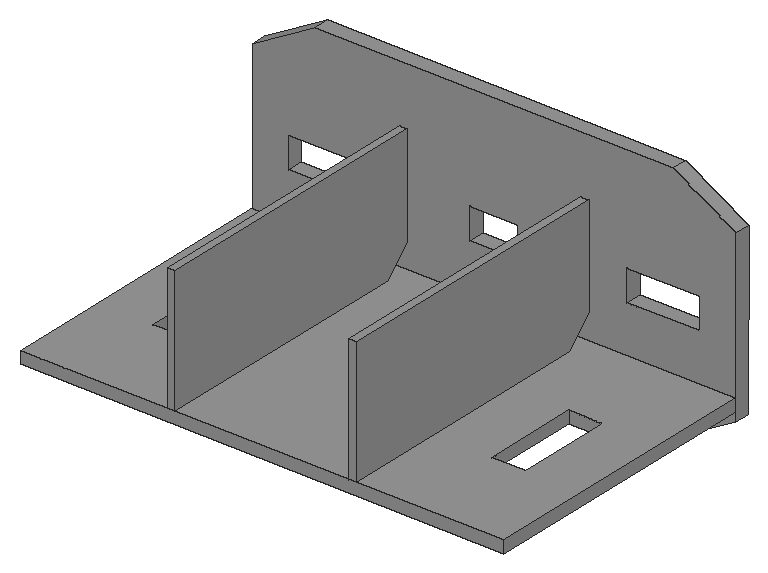
Revit family "Befestigungswinkel- BW US 7 FT", category Generic Models, Revit 2017
Family settings
  Can host rebar = No
  Round Connector Dimension = Use Diameter
  Part Type = Normal
  Work Plane-Based = No
  Always vertical = Yes
  Cut with Voids When Loaded = No
  Shared = No
  Room Calculation Point = No
Parameters (values of type "BW US 7 FT")
  URL = "http://www.obo-bettermann.com"
  Material = Hot dip galvanised
  Manufacturer Art.No. = "6019532"
  Manufacturer = "OBO BETTERMANN"
  GTIN = "4012196653645"
  Article Type = "BW US 7 FT"
Reference planes
  plane 1 "Center (Front/Back)": y = 0
  plane 2: z = 0
  plane 3 "Center (Left/Right)": x = 0
  plane 4: z = 100
  plane 5: x = 200
  plane 6: z = 50
  plane 7: x = 100
  plane 8: z = 85
  plane 9: z = 15
  plane 10: z = 85
  plane 11: z = 15
  plane 12: y = 6.5
  plane 13: z = 50
  plane 14: x = 100
  plane 15: x = 170
  plane 16: x = 30
  plane 17: z = 24
  plane 18: y = -120
  plane 19: y = -60
  plane 20: x = 100
  plane 21: x = 30
  plane 22: x = 170
  plane 23: x = 100
  plane 24: x = 136
  plane 25: x = 64
  plane 26: z = 76
  plane 27: x = 100
Forms (mm)
  Extrusion 1, solid, material "Hot dip galvanised" <- "Material"
    sketch origin (0, 0, 0) x (1, 0, 0) y (0, 0, 1)
      loop
        line (0, 15) -> (25.981, 0) -> (174.019, 0) -> (200, 15) -> (200, 85) -> (174.019, 100) -> (25.981, 100) -> (0, 85) -> (0, 15)
    from 0 to -6.5
  Extrusion 2, void
    sketch origin (0, 0, 0) x (1, 0, 0) y (0, 0, 1)
      loop
        line (155, 56.5) -> (155, 43.5) -> (185, 43.5) -> (185, 56.5) -> (155, 56.5)
      loop
        line (90, 56.5) -> (90, 43.5) -> (110, 43.5) -> (110, 56.5) -> (90, 56.5)
      loop
        line (45, 56.5) -> (15, 56.5) -> (15, 43.5) -> (45, 43.5) -> (45, 56.5)
    from -6.5 to 0
  Extrusion 3, solid, material "Hot dip galvanised" <- "Material"
    sketch origin (0, 0, 0) x (1, 0, 0) y (0, 0, 1)
      loop
        line (0, 24) -> (0, 19) -> (200, 19) -> (200, 24) -> (0, 24)
    from 0 to 120
  Extrusion 4, void
    sketch origin (0, 0, 0) x (1, 0, 0) y (0, 1, 0)
      loop
        line (23, -40) -> (23, -80) -> (37, -80) -> (37, -40) -> (23, -40)
      loop
        line (163, -40) -> (163, -80) -> (177, -80) -> (177, -40) -> (163, -40)
    from 19 to 24
  Extrusion 5, solid, material "Hot dip galvanised" <- "Material"
    sketch origin (0, 0, 0) x (1, 0, 0) y (0, 0, 1)
      loop
        line (64, 24) -> (64, 76) -> (60.96, 76) -> (60.96, 24) -> (64, 24)
      loop
        line (136, 76) -> (136, 24) -> (139.023, 24) -> (139.023, 76) -> (136, 76)
    from 0 to 120
  Extrusion 6, void
    sketch origin (0, 0, 0) x (0, 1, 0) y (0, 0, 1)
      loop
        line (0, 24) -> (0, 34) -> (-10, 24) -> (0, 24)
    from 60.96 to 64
  Extrusion 7, void
    sketch origin (200, 0, 0) x (0, 1, 0) y (0, 0, -1)
      loop
        line (0, -24) -> (-10, -24) -> (0, -34) -> (0, -24)
    from 60.96 to 64
Cuts and joins
  Extrusion 2, Extrusion 6, Extrusion 7 cuts Extrusion 1
  Extrusion 4, Extrusion 6, Extrusion 7 cuts Extrusion 3
  Extrusion 6, Extrusion 7 cuts Extrusion 5
Dimensions and locks
  locked: Extrusion 1 sketch curve to Extrusion 1 sketch curve at 200
  locked: Extrusion 1 sketch curve to Extrusion 1 sketch curve at 100
  locked: Extrusion 1 sketch curve to Extrusion 1 sketch curve at 70  (x2)
  locked: Extrusion 1 sketch curve to Extrusion 1 sketch curve at 148.038  (x2)
  locked: Extrusion 1 to plane 14 at 100
  locked: plane 15 to plane 16 at 140
  locked: plane 16 to plane 3 "Center (Left/Right)" at 30
  locked: Extrusion 1 to plane 15 at 170
  locked: Extrusion 2 sketch curve to Extrusion 2 sketch curve at 13  (x3)
  locked: Extrusion 2 sketch curve to plane 13 at 6.5  (x2)
  locked: Extrusion 2 sketch curve to Extrusion 2 sketch curve at 30  (x2)
  locked: plane 15 to Extrusion 2 sketch curve at 15
  locked: Extrusion 2 sketch curve to Extrusion 2 sketch curve at 20
  locked: plane 14 to Extrusion 2 sketch curve at 10
  locked: cut or joined group of Extrusion 1, Extrusion 2, Extrusion 6, Extrusion 7 to plane 17 at 76
  locked: cut or joined group of Extrusion 1, Extrusion 2, Extrusion 6, Extrusion 7 to cut or joined group of Extrusion 1, Extrusion 2, Extrusion 6, Extrusion 7 at 200
  locked: Extrusion 3 sketch curve to Extrusion 3 sketch curve at 5
  Extrusion 3 to plane 1 "Center (Front/Back)" = 120 mm
  locked: plane 19 to plane 1 "Center (Front/Back)" at 60
  locked: Extrusion 3 to plane 20 at 100
  locked: Extrusion 4 sketch curve to Extrusion 4 sketch curve at 40  (x2)
  locked: plane 19 to Extrusion 4 sketch curve at 20  (x2)
  locked: Extrusion 4 sketch curve to Extrusion 4 sketch curve at 14  (x2)
  locked: plane 21 to Extrusion 4 sketch curve at 7
  locked: plane 22 to Extrusion 4 sketch curve at 7
  locked: cut or joined group of Extrusion 1, Extrusion 2, Extrusion 6, Extrusion 7 to plane 23 at 100
  locked: plane 26 to cut or joined group of Extrusion 3, Extrusion 4, Extrusion 6, Extrusion 7 at 52
  locked: plane 23 to plane 25 at 36
  locked: Extrusion 5 sketch curve to Extrusion 5 sketch curve at 72
  locked: Extrusion 5 sketch curve to Extrusion 5 sketch curve at 3.04
  locked: Extrusion 5 sketch curve to Extrusion 5 sketch curve at 3.023
  locked: Extrusion 5 sketch curve to cut or joined group of Extrusion 3, Extrusion 4, Extrusion 6, Extrusion 7 at 52  (x2)
  locked: cut or joined group of Extrusion 5, Extrusion 6, Extrusion 7 to plane 27 at 36
  locked: Extrusion 6 sketch curve to cut or joined group of Extrusion 1, Extrusion 2, Extrusion 6, Extrusion 7 (angle 135.00°)
  aligned and locked: level to plane 2
  aligned and locked: Extrusion 1 sketch curve to plane 2
  aligned and locked: plane 12 to Extrusion 1
  aligned and locked: Extrusion 1 to Extrusion 2
  aligned and locked: plane 1 "Center (Front/Back)" to Extrusion 2
  aligned and locked: Extrusion 3 to plane 3 "Center (Left/Right)"
  aligned and locked: cut or joined group of Extrusion 1, Extrusion 2, Extrusion 6, Extrusion 7 to Extrusion 3
  aligned and locked: Extrusion 3 to plane 1 "Center (Front/Back)"
  aligned and locked: Extrusion 3 to plane 18
  aligned and locked: Extrusion 3 to Extrusion 4  (x2)
  aligned and locked: Extrusion 5 to plane 18
  aligned and locked: cut or joined group of Extrusion 5, Extrusion 6, Extrusion 7 to Extrusion 6
  aligned and locked: Extrusion 6 to cut or joined group of Extrusion 5, Extrusion 6, Extrusion 7
